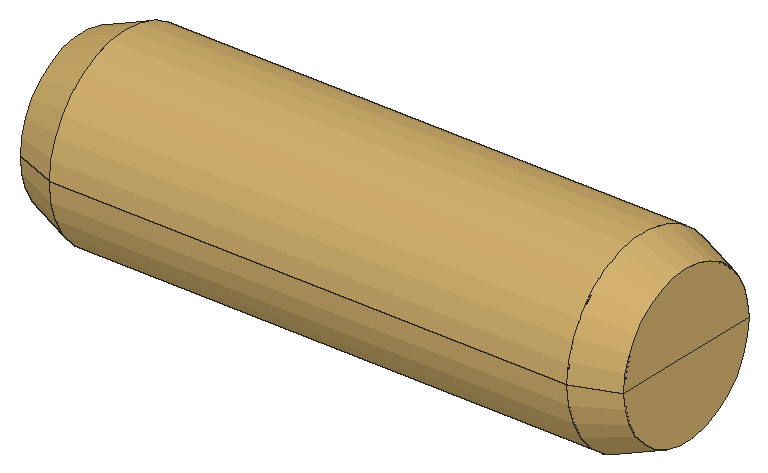
Revit family "DF_МуфтаСоединительная_EZETEK", category Соединительные детали воздуховодов, Revit 2017
Family settings
  Размер круглого соединителя = Использовать радиус
  Тип детали = Соединение
  На основе рабочей плоскости = Нет
  Всегда вертикально = Да
  При загрузке вырезать с полостями = Нет
  Общий = Нет
Parameters (values of type "МуфтаСоединительная_Латунь")
  Угол = 90.00°  # constant formula
  Тип = FA_МуфтаСоединительная_EZETEK : МуфтаСоединительная_Латунь
  СфераОшибки [instance] = if(or(ADSK_Размер_Диаметр < 14 mm, ADSK_Размер_Диаметр > 21 mm), 1 = 1, 1 = 0)  # no
  Предупреждение [instance] = ""
  Описание = "При монтаже стержни заземления соприкасаются друг с другом в центре муфты, благодаря чему ударный импульс не «рассеивается» и с муфты снимается механическая нагрузка."  # constant formula
  Производитель_Контакты = "ezetek@ezetek.ru"  # constant formula
  built-in parameter 1114242 [instance] = 1 = 0  # (empty or 0)
  Изготовитель = "Ezetek"  # constant formula
  Группа модели = "Муфты соединительные"  # constant formula
  URL = "https://ezetek.ru/"
  R_Error [instance] = if(СфераОшибки, 200 mm, 1 mm)  # 1 mm
  ADSK_Этаж [instance] = ""
  ADSK_Размер_Радиус [instance] = 9 mm
  ADSK_Размер_Диаметр [instance] = 2 * ADSK_Размер_Радиус  # 18 mm
  ADSK_Примечание [instance] = "Неспецифицируемое"  # constant formula
  ADSK_Позиция [instance] = "Неспецифицируемое"  # constant formula
  ADSK_Обозначение = "Неспецифицируемое"  # constant formula
  ADSK_Наименование краткое [instance] = "Неспецифицируемое"  # constant formula
  ADSK_Наименование = "Неспецифицируемое"  # constant formula
  ADSK_Материал = BIMLIB_Латунь_EZETEK
  ADSK_Масса_Текст = "Неспецифицируемое"  # constant formula
  ADSK_Масса = 0  # constant formula
  ADSK_Марка = "Неспецифицируемое"  # constant formula
  ADSK_Количество = 0  # constant formula
  ADSK_Код изделия = "Неспецифицируемое"  # constant formula
  ADSK_Завод-изготовитель = "Неспецифицируемое"  # constant formula
  ADSK_Единица измерения = "Неспецифицируемое"  # constant formula
  ADSK_Группирование [instance] = ""
  ADSK_Версия Revit = "2017"  # constant formula
Types (4, lengths in mm): name | Тип | ADSK_Материал
  МуфтаСоединительная_Латунь | FA_МуфтаСоединительная_EZETEK : МуфтаСоединительная_Латунь | BIMLIB_Латунь_EZETEK
  МуфтаСоединительная_Сталь_Нержавеющая | FA_МуфтаСоединительная_EZETEK : МуфтаСоединительная_Сталь_Нержавеющая | BIMLIB_Сталь_Нержавеющая_EZETEK
  МуфтаСоединительная_Сталь_Оцинкованная | FA_МуфтаСоединительная_EZETEK : МуфтаСоединительная_Сталь_Оцинкованная | BIMLIB_Сталь_Оцинкованная_EZETEK
  МуфтаСоединительная_Сталь_ГорОцинкованная | FA_МуфтаСоединительная_EZETEK : МуфтаСоединительная_Сталь_ГорОцинкованная | BIMLIB_Сталь_Оцинкованная_EZETEK
Reference planes
  plane 1 "По центру (Вперед/Назад)": y = 0
  plane 2: z = 0
  plane 3 "По центру (Влево/Вправо)": x = 0
  plane 4 "M": y = 0
  plane 5 "U": z = 0
  plane 6: x = 0
Forms (mm)
  Revolve 1, solid, visible <- "СфераОшибки"
    sketch origin (0, 0, 0) x (1, 0, 0) y (0, 1, 0)
      loop
        arc (1, 0) -> (0, 1) -> (-1, 0) r 1
        line (-1, 0) -> (1, 0)
      axis (1, 0) -> (-1, 0)
    angle from 0 to 360
Lines and regions (mm)
  reference lines
    curve 1: line (1, 0, 0) -> (-1, 0, 0)
Dimensions and locks
  equal spacing: curve 1, plane 6, curve 1
  locked: curve 1 to curve 1 at 2
  locked: plane 5 "U" to plane 2
  "R_Error": radius of Revolve 1 sketch curve
  aligned and locked: level to plane 2
  aligned and locked: curve 1 to plane 5 "U"
  aligned and locked: plane 1 "По центру (Вперед/Назад)" to Revolve 1 sketch curve  (x2)
  aligned and locked: Revolve 1 sketch curve to plane 4 "M"
Automatic sketch dimensions
  plane 1 "По центру (Вперед/Назад)" to curve 1 = 0 mm
  Revolve 1 sketch curve to plane 3 "По центру (Влево/Вправо)" = 0 mm
  Revolve 1 sketch curve to Revolve 1 sketch curve = 42.294 mm
  Revolve 1 sketch curve to Revolve 1 sketch curve = 33.119 mm
Nested families
  nested 1: "FA_МуфтаСоединительная_EZETEK" at (0, 0, 0), type <- "Тип", ADSK_Этаж <- "ADSK_Этаж", ADSK_Группирование <- "ADSK_Группирование", ADSK_Размер_Радиус <- "ADSK_Размер_Радиус", type "МуфтаСоединительная_Латунь", detail levels fine
    with D 22 mm, ADSK_Этаж "", ADSK_Размер_Радиус 9 mm, ADSK_Размер_Диаметр 18 mm, ADSK_Примечание "", ADSK_Позиция "", ADSK_Обозначение "61243", ADSK_Наименование краткое "Зажим заземления", ADSK_Наименование "Муфта соединительная 18 мм, латунь", ADSK_Масса_Текст "0.11", ADSK_Масса 0.11, ADSK_Марка "61243", ADSK_Код изделия "61243", ADSK_Группирование ""
Connectors
  hvac at (1, 0, 0), driven by "ADSK_Размер_Радиус"
    settings: on curve 1, index 1, duct flow 0.0 L/s, flow factor 0, pres drop 0.0 Pa, loss coef 0, conn angle 0.00°, conn width 25 mm, conn height 3 mm, conn diameter 18 mm, duct sys type 28, conn prof type 0, flow config 0, flow direction 0, loss method 0, conn ref index 2, conn util no, is conn primary yes, conn desc ""
  hvac at (-1, 0, 0), driven by "ADSK_Размер_Радиус"
    settings: on curve 1, index 2, duct flow 0.0 L/s, flow factor 0, pres drop 0.0 Pa, loss coef 0, conn angle 0.00°, conn width 25 mm, conn height 3 mm, conn diameter 18 mm, duct sys type 28, conn prof type 0, flow config 0, flow direction 0, loss method 0, conn ref index 1, conn util no, is conn primary no, conn desc ""
Definition of nested family "FA_МуфтаСоединительная_EZETEK"
  Parameters (values of type "МуфтаСоединительная_Сталь_ГорОцинкованная")
    Угол = 90.00°  # constant formula
    Производитель_Контакты = "ezetek@ezetek.ru"  # constant formula
    Description = "При монтаже стержни заземления соприкасаются друг с другом в центре муфты, благодаря чему ударный импульс не «рассеивается» и с муфты снимается механическая нагрузка."  # constant formula
    Manufacturer = "Ezetek"  # constant formula
    Model = "Муфты соединительные"  # constant formula
    URL = "https://ezetek.ru/"
    LT2 = "FA_МуфтаСоединительная_EZETEK_Марка"  # constant formula
    LT1 = "FA_МуфтаСоединительная_EZETEK_Наименование"  # constant formula
    L = 70 mm  # constant formula
    D [instance] = ADSK_Размер_Диаметр + 4 mm  # 20 mm
    Code1 = 3 mm
    ADSK_Этаж [instance] = ""
    ADSK_Размер_Радиус [instance] = 8 mm
    ADSK_Размер_Диаметр [instance] = if(ADSK_Размер_Радиус = 0 mm, 1 mm, 2 * ADSK_Размер_Радиус)  # 16 mm
    ADSK_Примечание [instance] = ""
    ADSK_Позиция [instance] = ""
    ADSK_Обозначение [instance] = ADSK_Марка  # "61234"
    ADSK_Наименование краткое [instance] = "Муфта соединительная"
    ADSK_Наименование [instance] = size_lookup(LT1, "", "НЕ НАЙДЕНО", ADSK_Размер_Диаметр, Code1)  # "Муфта соединительная 16 мм, гор. цинк."
    ADSK_Материал = none
    ADSK_Масса_Текст [instance] = "0.11"  # constant formula
    ADSK_Масса [instance] = 0.11  # constant formula
    ADSK_Марка [instance] = size_lookup(LT2, "", "НЕ НАЙДЕНО", ADSK_Размер_Диаметр, Code1)  # "61234"
    ADSK_Количество = 1  # constant formula
    ADSK_Код изделия [instance] = ADSK_Марка  # "61234"
    ADSK_Завод-изготовитель = "Ezetek"  # constant formula
    ADSK_Единица измерения = "шт."  # constant formula
    ADSK_Группирование [instance] = ""
    ADSK_Версия Revit = "2017"  # constant formula
  Types (4, lengths in mm): name | Code1 | ADSK_Обозначение | ADSK_Наименование | ADSK_Марка | ADSK_Код изделия
    МуфтаСоединительная_Сталь_Нержавеющая | 4 | "90226" | "Муфта соединительная 16 мм, нерж." | "90226" | "90226"
    МуфтаСоединительная_Сталь_Оцинкованная | 2 | "90227" | "Муфта соединительная 16 мм, оцинк." | "90227" | "90227"
    МуфтаСоединительная_Латунь | 1 | "90224" | "Муфта соединительная 16 мм, латунь" | "90224" | "90224"
    МуфтаСоединительная_Сталь_ГорОцинкованная | 3 | "61234" | "Муфта соединительная 16 мм, гор. цинк." | "61234" | "61234"
  Reference planes
    plane 1 "По центру (Вперед/Назад)": y = 0
    plane 2: z = 0
    plane 3 "По центру (Влево/Вправо)": x = 0
    plane 4: x = -35
    plane 5: y = 10
    plane 6: y = -10
    plane 7: x = 35
    plane 8: x = -30
    plane 9: x = 30
    plane 10: y = 8
    plane 11: y = -8
  Forms (mm)
    Revolve 1, solid, material <- "ADSK_Материал", detail levels fine
      sketch origin (0, 0, 0) x (1, 0, 0) y (0, 1, 0)
        loop
          line (-35, 0) -> (35, 0) -> (35, 8) -> (30, 10) -> (-30, 10) -> (-35, 8) -> (-35, 0)
        axis (35, 0) -> (-35, 0)
      angle from 0 to 360
  Dimensions and locks
    equal spacing: plane 4, plane 3 "По центру (Влево/Вправо)", plane 7
    "L": plane 4 to plane 7
    equal spacing: plane 5, plane 1 "По центру (Вперед/Назад)", plane 6
    "D": plane 5 to plane 6
    locked: plane 4 to plane 8 at 5
    locked: plane 9 to plane 7 at 5
    equal spacing: plane 10, plane 1 "По центру (Вперед/Назад)", plane 11
    "ADSK_Размер_Диаметр": plane 11 to plane 10
    aligned and locked: level to plane 2
    aligned and locked: Revolve 1 sketch curve to plane 4
    aligned and locked: Revolve 1 sketch curve to plane 1 "По центру (Вперед/Назад)"  (x2)
    aligned and locked: Revolve 1 sketch curve to plane 5
    aligned and locked: Revolve 1 sketch curve to plane 7
  Automatic sketch dimensions
    Revolve 1 sketch curve to plane 8 = 0 mm
    Revolve 1 sketch curve to plane 9 = 0 mm
    Revolve 1 sketch curve to plane 10 = 0 mm  (x2)
    plane 4 to Revolve 1 sketch curve = 1953.538 mm
    plane 7 to Revolve 1 sketch curve = 1976.462 mm
